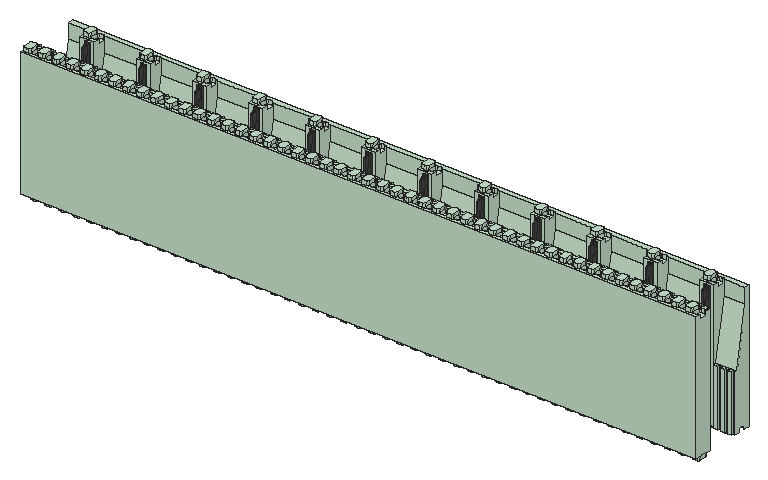
Revit family (continued)
Forms (mm)
  Extrusion 114, void
    sketch origin (2184.4, -0.002, 0) x (1, 0, 0) y (0, 1, 0)
      loop
        arc (25.4, 101.014) -> (26.615, 97.278) -> (29.796, 94.972) r 6.35
        arc (29.796, 94.972) -> (36.091, 93.737) -> (42.5, 94.024) r 26.988
        arc (42.5, 94.024) -> (43.786, 93.668) -> (44.346, 92.457) r 1.587
        line (44.346, 92.457) -> (44.346, 86.829) -> (48.685, 86.829) -> (48.685, 95.62)
        arc (48.685, 95.62) -> (48.795, 96.199) -> (49.108, 96.698) r 1.588
        arc (49.108, 96.698) -> (50.362, 98.696) -> (50.8, 101.014) r 6.35
        line (50.8, 101.014) -> (50.8, 124.411)
        arc (50.8, 124.411) -> (49.585, 128.147) -> (46.404, 130.453) r 6.35
        arc (46.404, 130.453) -> (38.1, 131.763) -> (29.796, 130.453) r 26.987
        arc (29.796, 130.453) -> (26.615, 128.147) -> (25.4, 124.411) r 6.35
    from 0 to 12.7
  Extrusion 115, void
    sketch origin (2133.6, -0.002, 0) x (1, 0, 0) y (0, 1, 0)
      loop
        line (25.4, 124.411) -> (25.4, 101.014)
        arc (25.4, 101.014) -> (26.615, 97.278) -> (29.796, 94.972) r 6.35
        arc (29.796, 94.972) -> (36.091, 93.737) -> (42.5, 94.024) r 26.988
        arc (42.5, 94.024) -> (43.786, 93.668) -> (44.346, 92.457) r 1.587
        line (44.346, 92.457) -> (44.346, 86.829) -> (48.685, 86.829) -> (48.685, 95.62)
        arc (48.685, 95.62) -> (48.795, 96.199) -> (49.108, 96.698) r 1.588
        arc (49.108, 96.698) -> (50.362, 98.696) -> (50.8, 101.014) r 6.35
        line (50.8, 101.014) -> (50.8, 124.411)
        arc (50.8, 124.411) -> (49.585, 128.147) -> (46.404, 130.453) r 6.35
        arc (46.404, 130.453) -> (38.1, 131.763) -> (29.796, 130.453) r 26.987
        arc (29.796, 130.453) -> (26.615, 128.147) -> (25.4, 124.411) r 6.35
    from 0 to 12.7
  Extrusion 116, void
    sketch origin (2082.8, -0.002, 0) x (1, 0, 0) y (0, 1, 0)
      loop
        line (25.4, 124.411) -> (25.4, 101.014)
        arc (25.4, 101.014) -> (26.615, 97.278) -> (29.796, 94.972) r 6.35
        arc (29.796, 94.972) -> (36.091, 93.737) -> (42.5, 94.024) r 26.988
        arc (42.5, 94.024) -> (43.786, 93.668) -> (44.346, 92.457) r 1.587
        line (44.346, 92.457) -> (44.346, 86.829) -> (48.685, 86.829) -> (48.685, 95.62)
        arc (48.685, 95.62) -> (48.795, 96.199) -> (49.108, 96.698) r 1.588
        arc (49.108, 96.698) -> (50.362, 98.696) -> (50.8, 101.014) r 6.35
        line (50.8, 101.014) -> (50.8, 124.411)
        arc (50.8, 124.411) -> (49.585, 128.147) -> (46.404, 130.453) r 6.35
        arc (46.404, 130.453) -> (38.1, 131.763) -> (29.796, 130.453) r 26.987
        arc (29.796, 130.453) -> (26.615, 128.147) -> (25.4, 124.411) r 6.35
    from 0 to 12.7
  Extrusion 117, void
    sketch origin (2032, -0.002, 0) x (1, 0, 0) y (0, 1, 0)
      loop
        line (25.4, 124.411) -> (25.4, 101.014)
        arc (25.4, 101.014) -> (26.615, 97.278) -> (29.796, 94.972) r 6.35
        arc (29.796, 94.972) -> (36.091, 93.737) -> (42.5, 94.024) r 26.988
        arc (42.5, 94.024) -> (43.786, 93.668) -> (44.346, 92.457) r 1.587
        line (44.346, 92.457) -> (44.346, 86.829) -> (48.685, 86.829) -> (48.685, 95.62)
        arc (48.685, 95.62) -> (48.795, 96.199) -> (49.108, 96.698) r 1.588
        arc (49.108, 96.698) -> (50.362, 98.696) -> (50.8, 101.014) r 6.35
        line (50.8, 101.014) -> (50.8, 124.411)
        arc (50.8, 124.411) -> (49.585, 128.147) -> (46.404, 130.453) r 6.35
        arc (46.404, 130.453) -> (38.1, 131.763) -> (29.796, 130.453) r 26.987
        arc (29.796, 130.453) -> (26.615, 128.147) -> (25.4, 124.411) r 6.35
    from 0 to 12.7
  Extrusion 118, void
    sketch origin (1981.2, -0.002, 0) x (1, 0, 0) y (0, 1, 0)
      loop
        line (25.4, 124.411) -> (25.4, 101.014)
        arc (25.4, 101.014) -> (26.615, 97.278) -> (29.796, 94.972) r 6.35
        arc (29.796, 94.972) -> (36.091, 93.737) -> (42.5, 94.024) r 26.988
        arc (42.5, 94.024) -> (43.786, 93.668) -> (44.346, 92.457) r 1.587
        line (44.346, 92.457) -> (44.346, 86.829) -> (48.685, 86.829) -> (48.685, 95.62)
        arc (48.685, 95.62) -> (48.795, 96.199) -> (49.108, 96.698) r 1.588
        arc (49.108, 96.698) -> (50.362, 98.696) -> (50.8, 101.014) r 6.35
        line (50.8, 101.014) -> (50.8, 124.411)
        arc (50.8, 124.411) -> (49.585, 128.147) -> (46.404, 130.453) r 6.35
        arc (46.404, 130.453) -> (38.1, 131.763) -> (29.796, 130.453) r 26.987
        arc (29.796, 130.453) -> (26.615, 128.147) -> (25.4, 124.411) r 6.35
    from 0 to 12.7
  Extrusion 119, void
    sketch origin (1930.4, -0.002, 0) x (1, 0, 0) y (0, 1, 0)
      loop
        line (25.4, 124.411) -> (25.4, 101.014)
        arc (25.4, 101.014) -> (26.615, 97.278) -> (29.796, 94.972) r 6.35
        arc (29.796, 94.972) -> (36.091, 93.737) -> (42.5, 94.024) r 26.988
        arc (42.5, 94.024) -> (43.786, 93.668) -> (44.346, 92.457) r 1.587
        line (44.346, 92.457) -> (44.346, 86.829) -> (48.685, 86.829) -> (48.685, 95.62)
        arc (48.685, 95.62) -> (48.795, 96.199) -> (49.108, 96.698) r 1.588
        arc (49.108, 96.698) -> (50.362, 98.696) -> (50.8, 101.014) r 6.35
        line (50.8, 101.014) -> (50.8, 124.411)
        arc (50.8, 124.411) -> (49.585, 128.147) -> (46.404, 130.453) r 6.35
        arc (46.404, 130.453) -> (38.1, 131.763) -> (29.796, 130.453) r 26.987
        arc (29.796, 130.453) -> (26.615, 128.147) -> (25.4, 124.411) r 6.35
    from 0 to 12.7
  Extrusion 120, void
    sketch origin (1879.6, -0.002, 0) x (1, 0, 0) y (0, 1, 0)
      loop
        line (25.4, 124.411) -> (25.4, 101.014)
        arc (25.4, 101.014) -> (26.615, 97.278) -> (29.796, 94.972) r 6.35
        arc (29.796, 94.972) -> (36.091, 93.737) -> (42.5, 94.024) r 26.988
        arc (42.5, 94.024) -> (43.786, 93.668) -> (44.346, 92.457) r 1.587
        line (44.346, 92.457) -> (44.346, 86.829) -> (48.685, 86.829) -> (48.685, 95.62)
        arc (48.685, 95.62) -> (48.795, 96.199) -> (49.108, 96.698) r 1.588
        arc (49.108, 96.698) -> (50.362, 98.696) -> (50.8, 101.014) r 6.35
        line (50.8, 101.014) -> (50.8, 124.411)
        arc (50.8, 124.411) -> (49.585, 128.147) -> (46.404, 130.453) r 6.35
        arc (46.404, 130.453) -> (38.1, 131.763) -> (29.796, 130.453) r 26.987
        arc (29.796, 130.453) -> (26.615, 128.147) -> (25.4, 124.411) r 6.35
    from 0 to 12.7
  Extrusion 121, void
    sketch origin (1828.8, -0.002, 0) x (1, 0, 0) y (0, 1, 0)
      loop
        line (25.4, 124.411) -> (25.4, 101.014)
        arc (25.4, 101.014) -> (26.615, 97.278) -> (29.796, 94.972) r 6.35
        arc (29.796, 94.972) -> (36.091, 93.737) -> (42.5, 94.024) r 26.988
        arc (42.5, 94.024) -> (43.786, 93.668) -> (44.346, 92.457) r 1.587
        line (44.346, 92.457) -> (44.346, 86.829) -> (48.685, 86.829) -> (48.685, 95.62)
        arc (48.685, 95.62) -> (48.795, 96.199) -> (49.108, 96.698) r 1.588
        arc (49.108, 96.698) -> (50.362, 98.696) -> (50.8, 101.014) r 6.35
        line (50.8, 101.014) -> (50.8, 124.411)
        arc (50.8, 124.411) -> (49.585, 128.147) -> (46.404, 130.453) r 6.35
        arc (46.404, 130.453) -> (38.1, 131.763) -> (29.796, 130.453) r 26.987
        arc (29.796, 130.453) -> (26.615, 128.147) -> (25.4, 124.411) r 6.35
    from 0 to 12.7
  Extrusion 122, void
    sketch origin (1778, -0.002, 0) x (1, 0, 0) y (0, 1, 0)
      loop
        line (25.4, 124.411) -> (25.4, 101.014)
        arc (25.4, 101.014) -> (26.615, 97.278) -> (29.796, 94.972) r 6.35
        arc (29.796, 94.972) -> (36.091, 93.737) -> (42.5, 94.024) r 26.988
        arc (42.5, 94.024) -> (43.786, 93.668) -> (44.346, 92.457) r 1.587
        line (44.346, 92.457) -> (44.346, 86.829) -> (48.685, 86.829) -> (48.685, 95.62)
        arc (48.685, 95.62) -> (48.795, 96.199) -> (49.108, 96.698) r 1.588
        arc (49.108, 96.698) -> (50.362, 98.696) -> (50.8, 101.014) r 6.35
        line (50.8, 101.014) -> (50.8, 124.411)
        arc (50.8, 124.411) -> (49.585, 128.147) -> (46.404, 130.453) r 6.35
        arc (46.404, 130.453) -> (38.1, 131.763) -> (29.796, 130.453) r 26.987
        arc (29.796, 130.453) -> (26.615, 128.147) -> (25.4, 124.411) r 6.35
    from 0 to 12.7
  Extrusion 123, void
    sketch origin (1727.2, -0.002, 0) x (1, 0, 0) y (0, 1, 0)
      loop
        line (25.4, 124.411) -> (25.4, 101.014)
        arc (25.4, 101.014) -> (26.615, 97.278) -> (29.796, 94.972) r 6.35
        arc (29.796, 94.972) -> (36.091, 93.737) -> (42.5, 94.024) r 26.988
        arc (42.5, 94.024) -> (43.786, 93.668) -> (44.346, 92.457) r 1.587
        line (44.346, 92.457) -> (44.346, 86.829) -> (48.685, 86.829) -> (48.685, 95.62)
        arc (48.685, 95.62) -> (48.795, 96.199) -> (49.108, 96.698) r 1.588
        arc (49.108, 96.698) -> (50.362, 98.696) -> (50.8, 101.014) r 6.35
        line (50.8, 101.014) -> (50.8, 124.411)
        arc (50.8, 124.411) -> (49.585, 128.147) -> (46.404, 130.453) r 6.35
        arc (46.404, 130.453) -> (38.1, 131.763) -> (29.796, 130.453) r 26.987
        arc (29.796, 130.453) -> (26.615, 128.147) -> (25.4, 124.411) r 6.35
    from 0 to 12.7
  Extrusion 124, void
    sketch origin (1676.4, -0.002, 0) x (1, 0, 0) y (0, 1, 0)
      loop
        line (25.4, 124.411) -> (25.4, 101.014)
        arc (25.4, 101.014) -> (26.615, 97.278) -> (29.796, 94.972) r 6.35
        arc (29.796, 94.972) -> (36.091, 93.737) -> (42.5, 94.024) r 26.988
        arc (42.5, 94.024) -> (43.786, 93.668) -> (44.346, 92.457) r 1.587
        line (44.346, 92.457) -> (44.346, 86.829) -> (48.685, 86.829) -> (48.685, 95.62)
        arc (48.685, 95.62) -> (48.795, 96.199) -> (49.108, 96.698) r 1.588
        arc (49.108, 96.698) -> (50.362, 98.696) -> (50.8, 101.014) r 6.35
        line (50.8, 101.014) -> (50.8, 124.411)
        arc (50.8, 124.411) -> (49.585, 128.147) -> (46.404, 130.453) r 6.35
        arc (46.404, 130.453) -> (38.1, 131.763) -> (29.796, 130.453) r 26.987
        arc (29.796, 130.453) -> (26.615, 128.147) -> (25.4, 124.411) r 6.35
    from 0 to 12.7
  Extrusion 125, void
    sketch origin (1625.6, -0.002, 0) x (1, 0, 0) y (0, 1, 0)
      loop
        line (25.4, 124.411) -> (25.4, 101.014)
        arc (25.4, 101.014) -> (26.615, 97.278) -> (29.796, 94.972) r 6.35
        arc (29.796, 94.972) -> (36.091, 93.737) -> (42.5, 94.024) r 26.988
        arc (42.5, 94.024) -> (43.786, 93.668) -> (44.346, 92.457) r 1.587
        line (44.346, 92.457) -> (44.346, 86.829) -> (48.685, 86.829) -> (48.685, 95.62)
        arc (48.685, 95.62) -> (48.795, 96.199) -> (49.108, 96.698) r 1.588
        arc (49.108, 96.698) -> (50.362, 98.696) -> (50.8, 101.014) r 6.35
        line (50.8, 101.014) -> (50.8, 124.411)
        arc (50.8, 124.411) -> (49.585, 128.147) -> (46.404, 130.453) r 6.35
        arc (46.404, 130.453) -> (38.1, 131.763) -> (29.796, 130.453) r 26.987
        arc (29.796, 130.453) -> (26.615, 128.147) -> (25.4, 124.411) r 6.35
    from 0 to 12.7
  Extrusion 126, void
    sketch origin (1574.8, -0.002, 0) x (1, 0, 0) y (0, 1, 0)
      loop
        line (25.4, 124.411) -> (25.4, 101.014)
        arc (25.4, 101.014) -> (26.615, 97.278) -> (29.796, 94.972) r 6.35
        arc (29.796, 94.972) -> (36.091, 93.737) -> (42.5, 94.024) r 26.988
        arc (42.5, 94.024) -> (43.786, 93.668) -> (44.346, 92.457) r 1.587
        line (44.346, 92.457) -> (44.346, 86.829) -> (48.685, 86.829) -> (48.685, 95.62)
        arc (48.685, 95.62) -> (48.795, 96.199) -> (49.108, 96.698) r 1.588
        arc (49.108, 96.698) -> (50.362, 98.696) -> (50.8, 101.014) r 6.35
        line (50.8, 101.014) -> (50.8, 124.411)
        arc (50.8, 124.411) -> (49.585, 128.147) -> (46.404, 130.453) r 6.35
        arc (46.404, 130.453) -> (38.1, 131.763) -> (29.796, 130.453) r 26.987
        arc (29.796, 130.453) -> (26.615, 128.147) -> (25.4, 124.411) r 6.35
    from 0 to 12.7
  Extrusion 127, void
    sketch origin (1524, -0.002, 0) x (1, 0, 0) y (0, 1, 0)
      loop
        line (25.4, 124.411) -> (25.4, 101.014)
        arc (25.4, 101.014) -> (26.615, 97.278) -> (29.796, 94.972) r 6.35
        arc (29.796, 94.972) -> (36.091, 93.737) -> (42.5, 94.024) r 26.988
        arc (42.5, 94.024) -> (43.786, 93.668) -> (44.346, 92.457) r 1.587
        line (44.346, 92.457) -> (44.346, 86.829) -> (48.685, 86.829) -> (48.685, 95.62)
        arc (48.685, 95.62) -> (48.795, 96.199) -> (49.108, 96.698) r 1.588
        arc (49.108, 96.698) -> (50.362, 98.696) -> (50.8, 101.014) r 6.35
        line (50.8, 101.014) -> (50.8, 124.411)
        arc (50.8, 124.411) -> (49.585, 128.147) -> (46.404, 130.453) r 6.35
        arc (46.404, 130.453) -> (38.1, 131.763) -> (29.796, 130.453) r 26.987
        arc (29.796, 130.453) -> (26.615, 128.147) -> (25.4, 124.411) r 6.35
    from 0 to 12.7
  Extrusion 128, void
    sketch origin (1473.2, -0.002, 0) x (1, 0, 0) y (0, 1, 0)
      loop
        line (25.4, 124.411) -> (25.4, 101.014)
        arc (25.4, 101.014) -> (26.615, 97.278) -> (29.796, 94.972) r 6.35
        arc (29.796, 94.972) -> (36.091, 93.737) -> (42.5, 94.024) r 26.988
        arc (42.5, 94.024) -> (43.786, 93.668) -> (44.346, 92.457) r 1.587
        line (44.346, 92.457) -> (44.346, 86.829) -> (48.685, 86.829) -> (48.685, 95.62)
        arc (48.685, 95.62) -> (48.795, 96.199) -> (49.108, 96.698) r 1.588
        arc (49.108, 96.698) -> (50.362, 98.696) -> (50.8, 101.014) r 6.35
        line (50.8, 101.014) -> (50.8, 124.411)
        arc (50.8, 124.411) -> (49.585, 128.147) -> (46.404, 130.453) r 6.35
        arc (46.404, 130.453) -> (38.1, 131.763) -> (29.796, 130.453) r 26.987
        arc (29.796, 130.453) -> (26.615, 128.147) -> (25.4, 124.411) r 6.35
    from 0 to 12.7
  Extrusion 129, void
    sketch origin (1422.4, -0.002, 0) x (1, 0, 0) y (0, 1, 0)
      loop
        line (25.4, 124.411) -> (25.4, 101.014)
        arc (25.4, 101.014) -> (26.615, 97.278) -> (29.796, 94.972) r 6.35
        arc (29.796, 94.972) -> (36.091, 93.737) -> (42.5, 94.024) r 26.988
        arc (42.5, 94.024) -> (43.786, 93.668) -> (44.346, 92.457) r 1.587
        line (44.346, 92.457) -> (44.346, 86.829) -> (48.685, 86.829) -> (48.685, 95.62)
        arc (48.685, 95.62) -> (48.795, 96.199) -> (49.108, 96.698) r 1.588
        arc (49.108, 96.698) -> (50.362, 98.696) -> (50.8, 101.014) r 6.35
        line (50.8, 101.014) -> (50.8, 124.411)
        arc (50.8, 124.411) -> (49.585, 128.147) -> (46.404, 130.453) r 6.35
        arc (46.404, 130.453) -> (38.1, 131.763) -> (29.796, 130.453) r 26.987
        arc (29.796, 130.453) -> (26.615, 128.147) -> (25.4, 124.411) r 6.35
    from 0 to 12.7
  Extrusion 130, void
    sketch origin (1371.6, -0.002, 0) x (1, 0, 0) y (0, 1, 0)
      loop
        line (25.4, 124.411) -> (25.4, 101.014)
        arc (25.4, 101.014) -> (26.615, 97.278) -> (29.796, 94.972) r 6.35
        arc (29.796, 94.972) -> (36.091, 93.737) -> (42.5, 94.024) r 26.988
        arc (42.5, 94.024) -> (43.786, 93.668) -> (44.346, 92.457) r 1.587
        line (44.346, 92.457) -> (44.346, 86.829) -> (48.685, 86.829) -> (48.685, 95.62)
        arc (48.685, 95.62) -> (48.795, 96.199) -> (49.108, 96.698) r 1.588
        arc (49.108, 96.698) -> (50.362, 98.696) -> (50.8, 101.014) r 6.35
        line (50.8, 101.014) -> (50.8, 124.411)
        arc (50.8, 124.411) -> (49.585, 128.147) -> (46.404, 130.453) r 6.35
        arc (46.404, 130.453) -> (38.1, 131.763) -> (29.796, 130.453) r 26.987
        arc (29.796, 130.453) -> (26.615, 128.147) -> (25.4, 124.411) r 6.35
    from 0 to 12.7
  Extrusion 131, void
    sketch origin (1320.8, -0.002, 0) x (1, 0, 0) y (0, 1, 0)
      loop
        line (25.4, 124.411) -> (25.4, 101.014)
        arc (25.4, 101.014) -> (26.615, 97.278) -> (29.796, 94.972) r 6.35
        arc (29.796, 94.972) -> (36.091, 93.737) -> (42.5, 94.024) r 26.988
        arc (42.5, 94.024) -> (43.786, 93.668) -> (44.346, 92.457) r 1.587
        line (44.346, 92.457) -> (44.346, 86.829) -> (48.685, 86.829) -> (48.685, 95.62)
        arc (48.685, 95.62) -> (48.795, 96.199) -> (49.108, 96.698) r 1.588
        arc (49.108, 96.698) -> (50.362, 98.696) -> (50.8, 101.014) r 6.35
        line (50.8, 101.014) -> (50.8, 124.411)
        arc (50.8, 124.411) -> (49.585, 128.147) -> (46.404, 130.453) r 6.35
        arc (46.404, 130.453) -> (38.1, 131.763) -> (29.796, 130.453) r 26.987
        arc (29.796, 130.453) -> (26.615, 128.147) -> (25.4, 124.411) r 6.35
    from 0 to 12.7
  Extrusion 132, void
    sketch origin (1270, -0.002, 0) x (1, 0, 0) y (0, 1, 0)
      loop
        line (25.4, 124.411) -> (25.4, 101.014)
        arc (25.4, 101.014) -> (26.615, 97.278) -> (29.796, 94.972) r 6.35
        arc (29.796, 94.972) -> (36.091, 93.737) -> (42.5, 94.024) r 26.988
        arc (42.5, 94.024) -> (43.786, 93.668) -> (44.346, 92.457) r 1.587
        line (44.346, 92.457) -> (44.346, 86.829) -> (48.685, 86.829) -> (48.685, 95.62)
        arc (48.685, 95.62) -> (48.795, 96.199) -> (49.108, 96.698) r 1.588
        arc (49.108, 96.698) -> (50.362, 98.696) -> (50.8, 101.014) r 6.35
        line (50.8, 101.014) -> (50.8, 124.411)
        arc (50.8, 124.411) -> (49.585, 128.147) -> (46.404, 130.453) r 6.35
        arc (46.404, 130.453) -> (38.1, 131.763) -> (29.796, 130.453) r 26.987
        arc (29.796, 130.453) -> (26.615, 128.147) -> (25.4, 124.411) r 6.35
    from 0 to 12.7
  Extrusion 133, void
    sketch origin (1219.2, -0.002, 0) x (1, 0, 0) y (0, 1, 0)
      loop
        line (25.4, 124.411) -> (25.4, 101.014)
        arc (25.4, 101.014) -> (26.615, 97.278) -> (29.796, 94.972) r 6.35
        arc (29.796, 94.972) -> (36.091, 93.737) -> (42.5, 94.024) r 26.988
        arc (42.5, 94.024) -> (43.786, 93.668) -> (44.346, 92.457) r 1.587
        line (44.346, 92.457) -> (44.346, 86.829) -> (48.685, 86.829) -> (48.685, 95.62)
        arc (48.685, 95.62) -> (48.795, 96.199) -> (49.108, 96.698) r 1.588
        arc (49.108, 96.698) -> (50.362, 98.696) -> (50.8, 101.014) r 6.35
        line (50.8, 101.014) -> (50.8, 124.411)
        arc (50.8, 124.411) -> (49.585, 128.147) -> (46.404, 130.453) r 6.35
        arc (46.404, 130.453) -> (38.1, 131.763) -> (29.796, 130.453) r 26.987
        arc (29.796, 130.453) -> (26.615, 128.147) -> (25.4, 124.411) r 6.35
    from 0 to 12.7
  Extrusion 134, void
    sketch origin (1168.4, -0.002, 0) x (1, 0, 0) y (0, 1, 0)
      loop
        line (25.4, 124.411) -> (25.4, 101.014)
        arc (25.4, 101.014) -> (26.615, 97.278) -> (29.796, 94.972) r 6.35
        arc (29.796, 94.972) -> (36.091, 93.737) -> (42.5, 94.024) r 26.988
        arc (42.5, 94.024) -> (43.786, 93.668) -> (44.346, 92.457) r 1.587
        line (44.346, 92.457) -> (44.346, 86.829) -> (48.685, 86.829) -> (48.685, 95.62)
        arc (48.685, 95.62) -> (48.795, 96.199) -> (49.108, 96.698) r 1.588
        arc (49.108, 96.698) -> (50.362, 98.696) -> (50.8, 101.014) r 6.35
        line (50.8, 101.014) -> (50.8, 124.411)
        arc (50.8, 124.411) -> (49.585, 128.147) -> (46.404, 130.453) r 6.35
        arc (46.404, 130.453) -> (38.1, 131.763) -> (29.796, 130.453) r 26.987
        arc (29.796, 130.453) -> (26.615, 128.147) -> (25.4, 124.411) r 6.35
    from 0 to 12.7
  Extrusion 135, void
    sketch origin (1117.6, -0.002, 0) x (1, 0, 0) y (0, 1, 0)
      loop
        line (25.4, 124.411) -> (25.4, 101.014)
        arc (25.4, 101.014) -> (26.615, 97.278) -> (29.796, 94.972) r 6.35
        arc (29.796, 94.972) -> (36.091, 93.737) -> (42.5, 94.024) r 26.988
        arc (42.5, 94.024) -> (43.786, 93.668) -> (44.346, 92.457) r 1.587
        line (44.346, 92.457) -> (44.346, 86.829) -> (48.685, 86.829) -> (48.685, 95.62)
        arc (48.685, 95.62) -> (48.795, 96.199) -> (49.108, 96.698) r 1.588
        arc (49.108, 96.698) -> (50.362, 98.696) -> (50.8, 101.014) r 6.35
        line (50.8, 101.014) -> (50.8, 124.411)
        arc (50.8, 124.411) -> (49.585, 128.147) -> (46.404, 130.453) r 6.35
        arc (46.404, 130.453) -> (38.1, 131.763) -> (29.796, 130.453) r 26.987
        arc (29.796, 130.453) -> (26.615, 128.147) -> (25.4, 124.411) r 6.35
    from 0 to 12.7
  Extrusion 136, void
    sketch origin (1066.8, -0.002, 0) x (1, 0, 0) y (0, 1, 0)
      loop
        line (25.4, 124.411) -> (25.4, 101.014)
        arc (25.4, 101.014) -> (26.615, 97.278) -> (29.796, 94.972) r 6.35
        arc (29.796, 94.972) -> (36.091, 93.737) -> (42.5, 94.024) r 26.988
        arc (42.5, 94.024) -> (43.786, 93.668) -> (44.346, 92.457) r 1.587
        line (44.346, 92.457) -> (44.346, 86.829) -> (48.685, 86.829) -> (48.685, 95.62)
        arc (48.685, 95.62) -> (48.795, 96.199) -> (49.108, 96.698) r 1.588
        arc (49.108, 96.698) -> (50.362, 98.696) -> (50.8, 101.014) r 6.35
        line (50.8, 101.014) -> (50.8, 124.411)
        arc (50.8, 124.411) -> (49.585, 128.147) -> (46.404, 130.453) r 6.35
        arc (46.404, 130.453) -> (38.1, 131.763) -> (29.796, 130.453) r 26.987
        arc (29.796, 130.453) -> (26.615, 128.147) -> (25.4, 124.411) r 6.35
    from 0 to 12.7
  Extrusion 137, void
    sketch origin (1016, -0.002, 0) x (1, 0, 0) y (0, 1, 0)
      loop
        line (25.4, 124.411) -> (25.4, 101.014)
        arc (25.4, 101.014) -> (26.615, 97.278) -> (29.796, 94.972) r 6.35
        arc (29.796, 94.972) -> (36.091, 93.737) -> (42.5, 94.024) r 26.988
        arc (42.5, 94.024) -> (43.786, 93.668) -> (44.346, 92.457) r 1.587
        line (44.346, 92.457) -> (44.346, 86.829) -> (48.685, 86.829) -> (48.685, 95.62)
        arc (48.685, 95.62) -> (48.795, 96.199) -> (49.108, 96.698) r 1.588
        arc (49.108, 96.698) -> (50.362, 98.696) -> (50.8, 101.014) r 6.35
        line (50.8, 101.014) -> (50.8, 124.411)
        arc (50.8, 124.411) -> (49.585, 128.147) -> (46.404, 130.453) r 6.35
        arc (46.404, 130.453) -> (38.1, 131.763) -> (29.796, 130.453) r 26.987
        arc (29.796, 130.453) -> (26.615, 128.147) -> (25.4, 124.411) r 6.35
    from 0 to 12.7
  Extrusion 138, void
    sketch origin (965.2, -0.002, 0) x (1, 0, 0) y (0, 1, 0)
      loop
        line (25.4, 124.411) -> (25.4, 101.014)
        arc (25.4, 101.014) -> (26.615, 97.278) -> (29.796, 94.972) r 6.35
        arc (29.796, 94.972) -> (36.091, 93.737) -> (42.5, 94.024) r 26.988
        arc (42.5, 94.024) -> (43.786, 93.668) -> (44.346, 92.457) r 1.587
        line (44.346, 92.457) -> (44.346, 86.829) -> (48.685, 86.829) -> (48.685, 95.62)
        arc (48.685, 95.62) -> (48.795, 96.199) -> (49.108, 96.698) r 1.588
        arc (49.108, 96.698) -> (50.362, 98.696) -> (50.8, 101.014) r 6.35
        line (50.8, 101.014) -> (50.8, 124.411)
        arc (50.8, 124.411) -> (49.585, 128.147) -> (46.404, 130.453) r 6.35
        arc (46.404, 130.453) -> (38.1, 131.763) -> (29.796, 130.453) r 26.987
        arc (29.796, 130.453) -> (26.615, 128.147) -> (25.4, 124.411) r 6.35
    from 0 to 12.7
  Extrusion 139, void
    sketch origin (914.4, -0.002, 0) x (1, 0, 0) y (0, 1, 0)
      loop
        line (25.4, 124.411) -> (25.4, 101.014)
        arc (25.4, 101.014) -> (26.615, 97.278) -> (29.796, 94.972) r 6.35
        arc (29.796, 94.972) -> (36.091, 93.737) -> (42.5, 94.024) r 26.988
        arc (42.5, 94.024) -> (43.786, 93.668) -> (44.346, 92.457) r 1.587
        line (44.346, 92.457) -> (44.346, 86.829) -> (48.685, 86.829) -> (48.685, 95.62)
        arc (48.685, 95.62) -> (48.795, 96.199) -> (49.108, 96.698) r 1.588
        arc (49.108, 96.698) -> (50.362, 98.696) -> (50.8, 101.014) r 6.35
        line (50.8, 101.014) -> (50.8, 124.411)
        arc (50.8, 124.411) -> (49.585, 128.147) -> (46.404, 130.453) r 6.35
        arc (46.404, 130.453) -> (38.1, 131.763) -> (29.796, 130.453) r 26.987
        arc (29.796, 130.453) -> (26.615, 128.147) -> (25.4, 124.411) r 6.35
    from 0 to 12.7
  Extrusion 140, void
    sketch origin (863.6, -0.002, 0) x (1, 0, 0) y (0, 1, 0)
      loop
        line (25.4, 124.411) -> (25.4, 101.014)
        arc (25.4, 101.014) -> (26.615, 97.278) -> (29.796, 94.972) r 6.35
        arc (29.796, 94.972) -> (36.091, 93.737) -> (42.5, 94.024) r 26.988
        arc (42.5, 94.024) -> (43.786, 93.668) -> (44.346, 92.457) r 1.587
        line (44.346, 92.457) -> (44.346, 86.829) -> (48.685, 86.829) -> (48.685, 95.62)
        arc (48.685, 95.62) -> (48.795, 96.199) -> (49.108, 96.698) r 1.588
        arc (49.108, 96.698) -> (50.362, 98.696) -> (50.8, 101.014) r 6.35
        line (50.8, 101.014) -> (50.8, 124.411)
        arc (50.8, 124.411) -> (49.585, 128.147) -> (46.404, 130.453) r 6.35
        arc (46.404, 130.453) -> (38.1, 131.763) -> (29.796, 130.453) r 26.987
        arc (29.796, 130.453) -> (26.615, 128.147) -> (25.4, 124.411) r 6.35
    from 0 to 12.7
  Extrusion 141, void
    sketch origin (812.8, -0.002, 0) x (1, 0, 0) y (0, 1, 0)
      loop
        line (25.4, 124.411) -> (25.4, 101.014)
        arc (25.4, 101.014) -> (26.615, 97.278) -> (29.796, 94.972) r 6.35
        arc (29.796, 94.972) -> (36.091, 93.737) -> (42.5, 94.024) r 26.988
        arc (42.5, 94.024) -> (43.786, 93.668) -> (44.346, 92.457) r 1.587
        line (44.346, 92.457) -> (44.346, 86.829) -> (48.685, 86.829) -> (48.685, 95.62)
        arc (48.685, 95.62) -> (48.795, 96.199) -> (49.108, 96.698) r 1.588
        arc (49.108, 96.698) -> (50.362, 98.696) -> (50.8, 101.014) r 6.35
        line (50.8, 101.014) -> (50.8, 124.411)
        arc (50.8, 124.411) -> (49.585, 128.147) -> (46.404, 130.453) r 6.35
        arc (46.404, 130.453) -> (38.1, 131.763) -> (29.796, 130.453) r 26.987
        arc (29.796, 130.453) -> (26.615, 128.147) -> (25.4, 124.411) r 6.35
    from 0 to 12.7
  Extrusion 142, void
    sketch origin (762, -0.002, 0) x (1, 0, 0) y (0, 1, 0)
      loop
        line (25.4, 124.411) -> (25.4, 101.014)
        arc (25.4, 101.014) -> (26.615, 97.278) -> (29.796, 94.972) r 6.35
        arc (29.796, 94.972) -> (36.091, 93.737) -> (42.5, 94.024) r 26.988
        arc (42.5, 94.024) -> (43.786, 93.668) -> (44.346, 92.457) r 1.587
        line (44.346, 92.457) -> (44.346, 86.829) -> (48.685, 86.829) -> (48.685, 95.62)
        arc (48.685, 95.62) -> (48.795, 96.199) -> (49.108, 96.698) r 1.588
        arc (49.108, 96.698) -> (50.362, 98.696) -> (50.8, 101.014) r 6.35
        line (50.8, 101.014) -> (50.8, 124.411)
        arc (50.8, 124.411) -> (49.585, 128.147) -> (46.404, 130.453) r 6.35
        arc (46.404, 130.453) -> (38.1, 131.763) -> (29.796, 130.453) r 26.987
        arc (29.796, 130.453) -> (26.615, 128.147) -> (25.4, 124.411) r 6.35
    from 0 to 12.7
  Extrusion 143, void
    sketch origin (711.2, -0.002, 0) x (1, 0, 0) y (0, 1, 0)
      loop
        line (25.4, 124.411) -> (25.4, 101.014)
        arc (25.4, 101.014) -> (26.615, 97.278) -> (29.796, 94.972) r 6.35
        arc (29.796, 94.972) -> (36.091, 93.737) -> (42.5, 94.024) r 26.988
        arc (42.5, 94.024) -> (43.786, 93.668) -> (44.346, 92.457) r 1.587
        line (44.346, 92.457) -> (44.346, 86.829) -> (48.685, 86.829) -> (48.685, 95.62)
        arc (48.685, 95.62) -> (48.795, 96.199) -> (49.108, 96.698) r 1.588
        arc (49.108, 96.698) -> (50.362, 98.696) -> (50.8, 101.014) r 6.35
        line (50.8, 101.014) -> (50.8, 124.411)
        arc (50.8, 124.411) -> (49.585, 128.147) -> (46.404, 130.453) r 6.35
        arc (46.404, 130.453) -> (38.1, 131.763) -> (29.796, 130.453) r 26.987
        arc (29.796, 130.453) -> (26.615, 128.147) -> (25.4, 124.411) r 6.35
    from 0 to 12.7
  Extrusion 144, void
    sketch origin (660.4, -0.002, 0) x (1, 0, 0) y (0, 1, 0)
      loop
        line (25.4, 124.411) -> (25.4, 101.014)
        arc (25.4, 101.014) -> (26.615, 97.278) -> (29.796, 94.972) r 6.35
        arc (29.796, 94.972) -> (36.091, 93.737) -> (42.5, 94.024) r 26.988
        arc (42.5, 94.024) -> (43.786, 93.668) -> (44.346, 92.457) r 1.587
        line (44.346, 92.457) -> (44.346, 86.829) -> (48.685, 86.829) -> (48.685, 95.62)
        arc (48.685, 95.62) -> (48.795, 96.199) -> (49.108, 96.698) r 1.588
        arc (49.108, 96.698) -> (50.362, 98.696) -> (50.8, 101.014) r 6.35
        line (50.8, 101.014) -> (50.8, 124.411)
        arc (50.8, 124.411) -> (49.585, 128.147) -> (46.404, 130.453) r 6.35
        arc (46.404, 130.453) -> (38.1, 131.763) -> (29.796, 130.453) r 26.987
        arc (29.796, 130.453) -> (26.615, 128.147) -> (25.4, 124.411) r 6.35
    from 0 to 12.7
  Extrusion 145, void
    sketch origin (609.6, -0.002, 0) x (1, 0, 0) y (0, 1, 0)
      loop
        line (25.4, 124.411) -> (25.4, 101.014)
        arc (25.4, 101.014) -> (26.615, 97.278) -> (29.796, 94.972) r 6.35
        arc (29.796, 94.972) -> (36.091, 93.737) -> (42.5, 94.024) r 26.988
        arc (42.5, 94.024) -> (43.786, 93.668) -> (44.346, 92.457) r 1.587
        line (44.346, 92.457) -> (44.346, 86.829) -> (48.685, 86.829) -> (48.685, 95.62)
        arc (48.685, 95.62) -> (48.795, 96.199) -> (49.108, 96.698) r 1.588
        arc (49.108, 96.698) -> (50.362, 98.696) -> (50.8, 101.014) r 6.35
        line (50.8, 101.014) -> (50.8, 124.411)
        arc (50.8, 124.411) -> (49.585, 128.147) -> (46.404, 130.453) r 6.35
        arc (46.404, 130.453) -> (38.1, 131.763) -> (29.796, 130.453) r 26.987
        arc (29.796, 130.453) -> (26.615, 128.147) -> (25.4, 124.411) r 6.35
    from 0 to 12.7
  Extrusion 146, void
    sketch origin (558.8, -0.002, 0) x (1, 0, 0) y (0, 1, 0)
      loop
        line (25.4, 124.411) -> (25.4, 101.014)
        arc (25.4, 101.014) -> (26.615, 97.278) -> (29.796, 94.972) r 6.35
        arc (29.796, 94.972) -> (36.091, 93.737) -> (42.5, 94.024) r 26.988
        arc (42.5, 94.024) -> (43.786, 93.668) -> (44.346, 92.457) r 1.587
        line (44.346, 92.457) -> (44.346, 86.829) -> (48.685, 86.829) -> (48.685, 95.62)
        arc (48.685, 95.62) -> (48.795, 96.199) -> (49.108, 96.698) r 1.588
        arc (49.108, 96.698) -> (50.362, 98.696) -> (50.8, 101.014) r 6.35
        line (50.8, 101.014) -> (50.8, 124.411)
        arc (50.8, 124.411) -> (49.585, 128.147) -> (46.404, 130.453) r 6.35
        arc (46.404, 130.453) -> (38.1, 131.763) -> (29.796, 130.453) r 26.987
        arc (29.796, 130.453) -> (26.615, 128.147) -> (25.4, 124.411) r 6.35
    from 0 to 12.7
  Extrusion 147, void
    sketch origin (508, -0.002, 0) x (1, 0, 0) y (0, 1, 0)
      loop
        line (25.4, 124.411) -> (25.4, 101.014)
        arc (25.4, 101.014) -> (26.615, 97.278) -> (29.796, 94.972) r 6.35
        arc (29.796, 94.972) -> (36.091, 93.737) -> (42.5, 94.024) r 26.988
        arc (42.5, 94.024) -> (43.786, 93.668) -> (44.346, 92.457) r 1.587
        line (44.346, 92.457) -> (44.346, 86.829) -> (48.685, 86.829) -> (48.685, 95.62)
        arc (48.685, 95.62) -> (48.795, 96.199) -> (49.108, 96.698) r 1.588
        arc (49.108, 96.698) -> (50.362, 98.696) -> (50.8, 101.014) r 6.35
        line (50.8, 101.014) -> (50.8, 124.411)
        arc (50.8, 124.411) -> (49.585, 128.147) -> (46.404, 130.453) r 6.35
        arc (46.404, 130.453) -> (38.1, 131.763) -> (29.796, 130.453) r 26.987
        arc (29.796, 130.453) -> (26.615, 128.147) -> (25.4, 124.411) r 6.35
    from 0 to 12.7
  Extrusion 148, void
    sketch origin (457.2, -0.002, 0) x (1, 0, 0) y (0, 1, 0)
      loop
        line (25.4, 124.411) -> (25.4, 101.014)
        arc (25.4, 101.014) -> (26.615, 97.278) -> (29.796, 94.972) r 6.35
        arc (29.796, 94.972) -> (36.091, 93.737) -> (42.5, 94.024) r 26.988
        arc (42.5, 94.024) -> (43.786, 93.668) -> (44.346, 92.457) r 1.587
        line (44.346, 92.457) -> (44.346, 86.829) -> (48.685, 86.829) -> (48.685, 95.62)
        arc (48.685, 95.62) -> (48.795, 96.199) -> (49.108, 96.698) r 1.588
        arc (49.108, 96.698) -> (50.362, 98.696) -> (50.8, 101.014) r 6.35
        line (50.8, 101.014) -> (50.8, 124.411)
        arc (50.8, 124.411) -> (49.585, 128.147) -> (46.404, 130.453) r 6.35
        arc (46.404, 130.453) -> (38.1, 131.763) -> (29.796, 130.453) r 26.987
        arc (29.796, 130.453) -> (26.615, 128.147) -> (25.4, 124.411) r 6.35
    from 0 to 12.7
  Extrusion 149, void
    sketch origin (406.4, -0.002, 0) x (1, 0, 0) y (0, 1, 0)
      loop
        line (25.4, 124.411) -> (25.4, 101.014)
        arc (25.4, 101.014) -> (26.615, 97.278) -> (29.796, 94.972) r 6.35
        arc (29.796, 94.972) -> (36.091, 93.737) -> (42.5, 94.024) r 26.988
        arc (42.5, 94.024) -> (43.786, 93.668) -> (44.346, 92.457) r 1.587
        line (44.346, 92.457) -> (44.346, 86.829) -> (48.685, 86.829) -> (48.685, 95.62)
        arc (48.685, 95.62) -> (48.795, 96.199) -> (49.108, 96.698) r 1.588
        arc (49.108, 96.698) -> (50.362, 98.696) -> (50.8, 101.014) r 6.35
        line (50.8, 101.014) -> (50.8, 124.411)
        arc (50.8, 124.411) -> (49.585, 128.147) -> (46.404, 130.453) r 6.35
        arc (46.404, 130.453) -> (38.1, 131.763) -> (29.796, 130.453) r 26.987
        arc (29.796, 130.453) -> (26.615, 128.147) -> (25.4, 124.411) r 6.35
    from 0 to 12.7
  Extrusion 150, void
    sketch origin (355.6, -0.002, 0) x (1, 0, 0) y (0, 1, 0)
      loop
        line (25.4, 124.411) -> (25.4, 101.014)
        arc (25.4, 101.014) -> (26.615, 97.278) -> (29.796, 94.972) r 6.35
        arc (29.796, 94.972) -> (36.091, 93.737) -> (42.5, 94.024) r 26.988
        arc (42.5, 94.024) -> (43.786, 93.668) -> (44.346, 92.457) r 1.587
        line (44.346, 92.457) -> (44.346, 86.829) -> (48.685, 86.829) -> (48.685, 95.62)
        arc (48.685, 95.62) -> (48.795, 96.199) -> (49.108, 96.698) r 1.588
        arc (49.108, 96.698) -> (50.362, 98.696) -> (50.8, 101.014) r 6.35
        line (50.8, 101.014) -> (50.8, 124.411)
        arc (50.8, 124.411) -> (49.585, 128.147) -> (46.404, 130.453) r 6.35
        arc (46.404, 130.453) -> (38.1, 131.763) -> (29.796, 130.453) r 26.987
        arc (29.796, 130.453) -> (26.615, 128.147) -> (25.4, 124.411) r 6.35
    from 0 to 12.7
  Extrusion 151, void
    sketch origin (304.8, -0.002, 0) x (1, 0, 0) y (0, 1, 0)
      loop
        line (25.4, 124.411) -> (25.4, 101.014)
        arc (25.4, 101.014) -> (26.615, 97.278) -> (29.796, 94.972) r 6.35
        arc (29.796, 94.972) -> (36.091, 93.737) -> (42.5, 94.024) r 26.988
        arc (42.5, 94.024) -> (43.786, 93.668) -> (44.346, 92.457) r 1.587
        line (44.346, 92.457) -> (44.346, 86.829) -> (48.685, 86.829) -> (48.685, 95.62)
        arc (48.685, 95.62) -> (48.795, 96.199) -> (49.108, 96.698) r 1.588
        arc (49.108, 96.698) -> (50.362, 98.696) -> (50.8, 101.014) r 6.35
        line (50.8, 101.014) -> (50.8, 124.411)
        arc (50.8, 124.411) -> (49.585, 128.147) -> (46.404, 130.453) r 6.35
        arc (46.404, 130.453) -> (38.1, 131.763) -> (29.796, 130.453) r 26.987
        arc (29.796, 130.453) -> (26.615, 128.147) -> (25.4, 124.411) r 6.35
    from 0 to 12.7
  Extrusion 152, void
    sketch origin (254, -0.002, 0) x (1, 0, 0) y (0, 1, 0)
      loop
        line (25.4, 124.411) -> (25.4, 101.014)
        arc (25.4, 101.014) -> (26.615, 97.278) -> (29.796, 94.972) r 6.35
        arc (29.796, 94.972) -> (36.091, 93.737) -> (42.5, 94.024) r 26.988
        arc (42.5, 94.024) -> (43.786, 93.668) -> (44.346, 92.457) r 1.587
        line (44.346, 92.457) -> (44.346, 86.829) -> (48.685, 86.829) -> (48.685, 95.62)
        arc (48.685, 95.62) -> (48.795, 96.199) -> (49.108, 96.698) r 1.588
        arc (49.108, 96.698) -> (50.362, 98.696) -> (50.8, 101.014) r 6.35
        line (50.8, 101.014) -> (50.8, 124.411)
        arc (50.8, 124.411) -> (49.585, 128.147) -> (46.404, 130.453) r 6.35
        arc (46.404, 130.453) -> (38.1, 131.763) -> (29.796, 130.453) r 26.987
        arc (29.796, 130.453) -> (26.615, 128.147) -> (25.4, 124.411) r 6.35
    from 0 to 12.7
  Extrusion 153, void
    sketch origin (203.2, -0.002, 0) x (1, 0, 0) y (0, 1, 0)
      loop
        line (25.4, 124.411) -> (25.4, 101.014)
        arc (25.4, 101.014) -> (26.615, 97.278) -> (29.796, 94.972) r 6.35
        arc (29.796, 94.972) -> (36.091, 93.737) -> (42.5, 94.024) r 26.988
        arc (42.5, 94.024) -> (43.786, 93.668) -> (44.346, 92.457) r 1.587
        line (44.346, 92.457) -> (44.346, 86.829) -> (48.685, 86.829) -> (48.685, 95.62)
        arc (48.685, 95.62) -> (48.795, 96.199) -> (49.108, 96.698) r 1.588
        arc (49.108, 96.698) -> (50.362, 98.696) -> (50.8, 101.014) r 6.35
        line (50.8, 101.014) -> (50.8, 124.411)
        arc (50.8, 124.411) -> (49.585, 128.147) -> (46.404, 130.453) r 6.35
        arc (46.404, 130.453) -> (38.1, 131.763) -> (29.796, 130.453) r 26.987
        arc (29.796, 130.453) -> (26.615, 128.147) -> (25.4, 124.411) r 6.35
    from 0 to 12.7
  Extrusion 154, void
    sketch origin (152.4, -0.002, 0) x (1, 0, 0) y (0, 1, 0)
      loop
        line (25.4, 124.411) -> (25.4, 101.014)
        arc (25.4, 101.014) -> (26.615, 97.278) -> (29.796, 94.972) r 6.35
        arc (29.796, 94.972) -> (36.091, 93.737) -> (42.5, 94.024) r 26.988
        arc (42.5, 94.024) -> (43.786, 93.668) -> (44.346, 92.457) r 1.587
        line (44.346, 92.457) -> (44.346, 86.829) -> (48.685, 86.829) -> (48.685, 95.62)
        arc (48.685, 95.62) -> (48.795, 96.199) -> (49.108, 96.698) r 1.588
        arc (49.108, 96.698) -> (50.362, 98.696) -> (50.8, 101.014) r 6.35
        line (50.8, 101.014) -> (50.8, 124.411)
        arc (50.8, 124.411) -> (49.585, 128.147) -> (46.404, 130.453) r 6.35
        arc (46.404, 130.453) -> (38.1, 131.763) -> (29.796, 130.453) r 26.987
        arc (29.796, 130.453) -> (26.615, 128.147) -> (25.4, 124.411) r 6.35
    from 0 to 12.7
  Extrusion 155, void
    sketch origin (101.6, -0.002, 0) x (1, 0, 0) y (0, 1, 0)
      loop
        line (25.4, 124.411) -> (25.4, 101.014)
        arc (25.4, 101.014) -> (26.615, 97.278) -> (29.796, 94.972) r 6.35
        arc (29.796, 94.972) -> (36.091, 93.737) -> (42.5, 94.024) r 26.988
        arc (42.5, 94.024) -> (43.786, 93.668) -> (44.346, 92.457) r 1.587
        line (44.346, 92.457) -> (44.346, 86.829) -> (48.685, 86.829) -> (48.685, 95.62)
        arc (48.685, 95.62) -> (48.795, 96.199) -> (49.108, 96.698) r 1.588
        arc (49.108, 96.698) -> (50.362, 98.696) -> (50.8, 101.014) r 6.35
        line (50.8, 101.014) -> (50.8, 124.411)
        arc (50.8, 124.411) -> (49.585, 128.147) -> (46.404, 130.453) r 6.35
        arc (46.404, 130.453) -> (38.1, 131.763) -> (29.796, 130.453) r 26.987
        arc (29.796, 130.453) -> (26.615, 128.147) -> (25.4, 124.411) r 6.35
    from 0 to 12.7
  Extrusion 156, void
    sketch origin (50.8, -0.002, 0) x (1, 0, 0) y (0, 1, 0)
      loop
        line (25.4, 124.411) -> (25.4, 101.014)
        arc (25.4, 101.014) -> (26.615, 97.278) -> (29.796, 94.972) r 6.35
        arc (29.796, 94.972) -> (36.091, 93.737) -> (42.5, 94.024) r 26.988
        arc (42.5, 94.024) -> (43.786, 93.668) -> (44.346, 92.457) r 1.587
        line (44.346, 92.457) -> (44.346, 86.829) -> (48.685, 86.829) -> (48.685, 95.62)
        arc (48.685, 95.62) -> (48.795, 96.199) -> (49.108, 96.698) r 1.588
        arc (49.108, 96.698) -> (50.362, 98.696) -> (50.8, 101.014) r 6.35
        line (50.8, 101.014) -> (50.8, 124.411)
        arc (50.8, 124.411) -> (49.585, 128.147) -> (46.404, 130.453) r 6.35
        arc (46.404, 130.453) -> (38.1, 131.763) -> (29.796, 130.453) r 26.987
        arc (29.796, 130.453) -> (26.615, 128.147) -> (25.4, 124.411) r 6.35
    from 0 to 12.7
  Extrusion 157, void
    sketch origin (0, -0.002, 0) x (1, 0, 0) y (0, 1, 0)
      loop
        line (25.4, 124.411) -> (25.4, 101.014)
        arc (25.4, 101.014) -> (26.615, 97.278) -> (29.796, 94.972) r 6.35
        arc (29.796, 94.972) -> (36.091, 93.737) -> (42.5, 94.024) r 26.988
        arc (42.5, 94.024) -> (43.786, 93.668) -> (44.346, 92.457) r 1.587
        line (44.346, 92.457) -> (44.346, 86.829) -> (48.685, 86.829) -> (48.685, 95.62)
        arc (48.685, 95.62) -> (48.795, 96.199) -> (49.108, 96.698) r 1.588
        arc (49.108, 96.698) -> (50.362, 98.696) -> (50.8, 101.014) r 6.35
        line (50.8, 101.014) -> (50.8, 124.411)
        arc (50.8, 124.411) -> (49.585, 128.147) -> (46.404, 130.453) r 6.35
        arc (46.404, 130.453) -> (38.1, 131.763) -> (29.796, 130.453) r 26.987
        arc (29.796, 130.453) -> (26.615, 128.147) -> (25.4, 124.411) r 6.35
    from 0 to 12.7
  Extrusion 158, solid, material "NUDURA Expanded Polystyrene Foam Insulation"
    sketch origin (0, -0.002, 0) x (0, 1, 0) y (0, 0, 1)
      loop
        line (142.875, 0) -> (142.875, 457.2) -> (127, 457.2) -> (127, 404.586) -> (88.9, 203.2) -> (82.55, 203.2) -> (82.55, 0) -> (142.875, 0)
    from 0 to 2438.4
  Extrusion 159, solid, material "NUDURA Expanded Polystyrene Foam Insulation"
    sketch origin (0, -0.002, 0) x (0, 1, 0) y (0, 0, 1)
      loop
        line (127, 457.2) -> (82.55, 457.2) -> (82.55, 203.2) -> (88.9, 203.2) -> (127, 404.586) -> (127, 457.2)
    from 76.2 to 127
  Extrusion 160, solid, material "NUDURA Expanded Polystyrene Foam Insulation"
    sketch origin (0, -0.002, 0) x (0, 1, 0) y (0, 0, 1)
      loop
        line (127, 457.2) -> (82.55, 457.2) -> (82.55, 203.2) -> (88.9, 203.2) -> (127, 404.586) -> (127, 457.2)
    from 279.4 to 330.2
  Extrusion 161, solid, material "NUDURA Expanded Polystyrene Foam Insulation"
    sketch origin (0, -0.002, 0) x (0, 1, 0) y (0, 0, 1)
      loop
        line (127, 457.2) -> (82.55, 457.2) -> (82.55, 203.2) -> (88.9, 203.2) -> (127, 404.586) -> (127, 457.2)
    from 482.6 to 533.4
  Extrusion 162, solid, material "NUDURA Expanded Polystyrene Foam Insulation"
    sketch origin (0, -0.002, 0) x (0, 1, 0) y (0, 0, 1)
      loop
        line (127, 457.2) -> (82.55, 457.2) -> (82.55, 203.2) -> (88.9, 203.2) -> (127, 404.586) -> (127, 457.2)
    from 685.8 to 736.6
  Extrusion 163, solid, material "NUDURA Expanded Polystyrene Foam Insulation"
    sketch origin (0, -0.002, 0) x (0, 1, 0) y (0, 0, 1)
      loop
        line (127, 457.2) -> (82.55, 457.2) -> (82.55, 203.2) -> (88.9, 203.2) -> (127, 404.586) -> (127, 457.2)
    from 889 to 939.8
  Extrusion 164, solid, material "NUDURA Expanded Polystyrene Foam Insulation"
    sketch origin (0, -0.002, 0) x (0, 1, 0) y (0, 0, 1)
      loop
        line (127, 457.2) -> (82.55, 457.2) -> (82.55, 203.2) -> (88.9, 203.2) -> (127, 404.586) -> (127, 457.2)
    from 1092.2 to 1143
  Extrusion 165, solid, material "NUDURA Expanded Polystyrene Foam Insulation"
    sketch origin (0, -0.002, 0) x (0, 1, 0) y (0, 0, 1)
      loop
        line (127, 457.2) -> (82.55, 457.2) -> (82.55, 203.2) -> (88.9, 203.2) -> (127, 404.586) -> (127, 457.2)
    from 1295.4 to 1346.2
  Extrusion 166, solid, material "NUDURA Expanded Polystyrene Foam Insulation"
    sketch origin (0, -0.002, 0) x (0, 1, 0) y (0, 0, 1)
      loop
        line (127, 457.2) -> (82.55, 457.2) -> (82.55, 203.2) -> (88.9, 203.2) -> (127, 404.586) -> (127, 457.2)
    from 1498.6 to 1549.4
  Extrusion 167, solid, material "NUDURA Expanded Polystyrene Foam Insulation"
    sketch origin (0, -0.002, 0) x (0, 1, 0) y (0, 0, 1)
      loop
        line (127, 457.2) -> (82.55, 457.2) -> (82.55, 203.2) -> (88.9, 203.2) -> (127, 404.586) -> (127, 457.2)
    from 1701.8 to 1752.6
  Extrusion 168, solid, material "NUDURA Expanded Polystyrene Foam Insulation"
    sketch origin (0, -0.002, 0) x (0, 1, 0) y (0, 0, 1)
      loop
        line (127, 457.2) -> (82.55, 457.2) -> (82.55, 203.2) -> (88.9, 203.2) -> (127, 404.586) -> (127, 457.2)
    from 1701.8 to 1752.6
  Extrusion 169, solid, material "NUDURA Expanded Polystyrene Foam Insulation"
    sketch origin (0, -0.002, 0) x (0, 1, 0) y (0, 0, 1)
      loop
        line (127, 457.2) -> (82.55, 457.2) -> (82.55, 203.2) -> (88.9, 203.2) -> (127, 404.586) -> (127, 457.2)
    from 1905 to 1955.8
  Extrusion 170, solid, material "NUDURA Expanded Polystyrene Foam Insulation"
    sketch origin (0, -0.002, 0) x (0, 1, 0) y (0, 0, 1)
      loop
        line (127, 457.2) -> (82.55, 457.2) -> (82.55, 203.2) -> (88.9, 203.2) -> (127, 404.586) -> (127, 457.2)
    from 2108.2 to 2159
  Extrusion 171, solid, material "NUDURA Expanded Polystyrene Foam Insulation"
    sketch origin (0, -0.002, 0) x (0, 1, 0) y (0, 0, 1)
      loop
        line (127, 457.2) -> (82.55, 457.2) -> (82.55, 203.2) -> (88.9, 203.2) -> (127, 404.586) -> (127, 457.2)
    from 2311.4 to 2362.2
  Extrusion 172, solid, material "NUDURA Expanded Polystyrene Foam Insulation"
    sketch origin (0, -0.002, 0) x (1, 0, 0) y (0, 1, 0)
      loop
        line (7.142, 82.55) -> (5.558, 76.2) -> (19.842, 76.2) -> (18.258, 82.55) -> (7.142, 82.55)
      loop
        line (32.542, 82.55) -> (30.958, 76.2) -> (45.242, 76.2) -> (43.658, 82.55) -> (32.542, 82.55)
      loop
        line (57.942, 82.55) -> (56.358, 76.2) -> (70.642, 76.2) -> (69.058, 82.55) -> (57.942, 82.55)
      loop
        line (134.142, 82.55) -> (132.558, 76.2) -> (146.842, 76.2) -> (145.258, 82.55) -> (134.142, 82.55)
      loop
        line (159.542, 82.55) -> (157.958, 76.2) -> (172.242, 76.2) -> (170.658, 82.55) -> (159.542, 82.55)
      loop
        line (184.942, 82.55) -> (183.358, 76.2) -> (197.642, 76.2) -> (196.058, 82.55) -> (184.942, 82.55)
      loop
        line (210.342, 82.55) -> (208.758, 76.2) -> (223.042, 76.2) -> (221.458, 82.55) -> (210.342, 82.55)
      loop
        line (235.742, 82.55) -> (234.158, 76.2) -> (248.442, 76.2) -> (246.858, 82.55) -> (235.742, 82.55)
      loop
        line (261.142, 82.55) -> (259.558, 76.2) -> (273.842, 76.2) -> (272.258, 82.55) -> (261.142, 82.55)
      loop
        line (337.342, 82.55) -> (335.758, 76.2) -> (350.042, 76.2) -> (348.458, 82.55) -> (337.342, 82.55)
      loop
        line (362.742, 82.55) -> (361.158, 76.2) -> (375.442, 76.2) -> (373.858, 82.55) -> (362.742, 82.55)
      loop
        line (388.142, 82.55) -> (386.558, 76.2) -> (400.842, 76.2) -> (399.258, 82.55) -> (388.142, 82.55)
      loop
        line (413.542, 82.55) -> (411.958, 76.2) -> (426.242, 76.2) -> (424.658, 82.55) -> (413.542, 82.55)
      loop
        line (438.942, 82.55) -> (437.358, 76.2) -> (451.642, 76.2) -> (450.058, 82.55) -> (438.942, 82.55)
      loop
        line (464.342, 82.55) -> (462.758, 76.2) -> (477.042, 76.2) -> (475.458, 82.55) -> (464.342, 82.55)
      loop
        line (540.542, 82.55) -> (538.958, 76.2) -> (553.242, 76.2) -> (551.658, 82.55) -> (540.542, 82.55)
      loop
        line (565.942, 82.55) -> (564.358, 76.2) -> (578.642, 76.2) -> (577.058, 82.55) -> (565.942, 82.55)
      loop
        line (591.342, 82.55) -> (589.758, 76.2) -> (604.042, 76.2) -> (602.458, 82.55) -> (591.342, 82.55)
      loop
        line (616.742, 82.55) -> (615.158, 76.2) -> (629.442, 76.2) -> (627.858, 82.55) -> (616.742, 82.55)
      loop
        line (642.142, 82.55) -> (640.558, 76.2) -> (654.842, 76.2) -> (653.258, 82.55) -> (642.142, 82.55)
      loop
        line (667.542, 82.55) -> (665.958, 76.2) -> (680.242, 76.2) -> (678.658, 82.55) -> (667.542, 82.55)
      loop
        line (743.742, 82.55) -> (742.158, 76.2) -> (756.442, 76.2) -> (754.858, 82.55) -> (743.742, 82.55)
      loop
        line (769.142, 82.55) -> (767.558, 76.2) -> (781.842, 76.2) -> (780.258, 82.55) -> (769.142, 82.55)
      loop
        line (794.542, 82.55) -> (792.958, 76.2) -> (807.242, 76.2) -> (805.658, 82.55) -> (794.542, 82.55)
      loop
        line (819.942, 82.55) -> (818.358, 76.2) -> (832.642, 76.2) -> (831.058, 82.55) -> (819.942, 82.55)
      loop
        line (845.342, 82.55) -> (843.758, 76.2) -> (858.042, 76.2) -> (856.458, 82.55) -> (845.342, 82.55)
      loop
        line (870.742, 82.55) -> (869.158, 76.2) -> (883.442, 76.2) -> (881.858, 82.55) -> (870.742, 82.55)
      loop
        line (946.942, 82.55) -> (945.358, 76.2) -> (959.642, 76.2) -> (958.058, 82.55) -> (946.942, 82.55)
      loop
        line (972.342, 82.55) -> (970.758, 76.2) -> (985.042, 76.2) -> (983.458, 82.55) -> (972.342, 82.55)
      loop
        line (997.742, 82.55) -> (996.158, 76.2) -> (1010.442, 76.2) -> (1008.858, 82.55) -> (997.742, 82.55)
      loop
        line (1023.142, 82.55) -> (1021.558, 76.2) -> (1035.842, 76.2) -> (1034.258, 82.55) -> (1023.142, 82.55)
      loop
        line (1048.542, 82.55) -> (1046.958, 76.2) -> (1061.242, 76.2) -> (1059.658, 82.55) -> (1048.542, 82.55)
      loop
        line (1073.942, 82.55) -> (1072.358, 76.2) -> (1086.642, 76.2) -> (1085.058, 82.55) -> (1073.942, 82.55)
      loop
        line (1150.142, 82.55) -> (1148.558, 76.2) -> (1162.842, 76.2) -> (1161.258, 82.55) -> (1150.142, 82.55)
      loop
        line (1175.542, 82.55) -> (1173.958, 76.2) -> (1188.242, 76.2) -> (1186.658, 82.55) -> (1175.542, 82.55)
      loop
        line (1200.942, 82.55) -> (1199.358, 76.2) -> (1213.642, 76.2) -> (1212.058, 82.55) -> (1200.942, 82.55)
      loop
        line (1226.342, 82.55) -> (1224.758, 76.2) -> (1239.042, 76.2) -> (1237.458, 82.55) -> (1226.342, 82.55)
      loop
        line (1251.742, 82.55) -> (1250.158, 76.2) -> (1264.442, 76.2) -> (1262.858, 82.55) -> (1251.742, 82.55)
      loop
        line (1277.142, 82.55) -> (1275.558, 76.2) -> (1289.842, 76.2) -> (1288.258, 82.55) -> (1277.142, 82.55)
      loop
        line (1353.342, 82.55) -> (1351.758, 76.2) -> (1366.042, 76.2) -> (1364.458, 82.55) -> (1353.342, 82.55)
      loop
        line (1378.742, 82.55) -> (1377.158, 76.2) -> (1391.442, 76.2) -> (1389.858, 82.55) -> (1378.742, 82.55)
      loop
        line (1404.142, 82.55) -> (1402.558, 76.2) -> (1416.842, 76.2) -> (1415.258, 82.55) -> (1404.142, 82.55)
      loop
        line (1429.542, 82.55) -> (1427.958, 76.2) -> (1442.242, 76.2) -> (1440.658, 82.55) -> (1429.542, 82.55)
      loop
        line (1454.942, 82.55) -> (1453.358, 76.2) -> (1467.642, 76.2) -> (1466.058, 82.55) -> (1454.942, 82.55)
      loop
        line (1480.342, 82.55) -> (1478.758, 76.2) -> (1493.042, 76.2) -> (1491.458, 82.55) -> (1480.342, 82.55)
      loop
        line (1556.542, 82.55) -> (1554.958, 76.2) -> (1569.242, 76.2) -> (1567.658, 82.55) -> (1556.542, 82.55)
      loop
        line (1581.942, 82.55) -> (1580.358, 76.2) -> (1594.642, 76.2) -> (1593.058, 82.55) -> (1581.942, 82.55)
      loop
        line (1607.342, 82.55) -> (1605.758, 76.2) -> (1620.042, 76.2) -> (1618.458, 82.55) -> (1607.342, 82.55)
      loop
        line (1632.742, 82.55) -> (1631.158, 76.2) -> (1645.442, 76.2) -> (1643.858, 82.55) -> (1632.742, 82.55)
      loop
        line (1658.142, 82.55) -> (1656.558, 76.2) -> (1670.842, 76.2) -> (1669.258, 82.55) -> (1658.142, 82.55)
      loop
        line (1683.542, 82.55) -> (1681.958, 76.2) -> (1696.242, 76.2) -> (1694.658, 82.55) -> (1683.542, 82.55)
      loop
        line (1759.742, 82.55) -> (1758.158, 76.2) -> (1772.442, 76.2) -> (1770.858, 82.55) -> (1759.742, 82.55)
      loop
        line (1785.142, 82.55) -> (1783.558, 76.2) -> (1797.842, 76.2) -> (1796.258, 82.55) -> (1785.142, 82.55)
      loop
        line (1810.542, 82.55) -> (1808.958, 76.2) -> (1823.242, 76.2) -> (1821.658, 82.55) -> (1810.542, 82.55)
      loop
        line (1835.942, 82.55) -> (1834.358, 76.2) -> (1848.642, 76.2) -> (1847.058, 82.55) -> (1835.942, 82.55)
      loop
        line (1861.342, 82.55) -> (1859.758, 76.2) -> (1874.042, 76.2) -> (1872.458, 82.55) -> (1861.342, 82.55)
      loop
        line (1886.742, 82.55) -> (1885.158, 76.2) -> (1899.442, 76.2) -> (1897.858, 82.55) -> (1886.742, 82.55)
      loop
        line (1962.942, 82.55) -> (1961.358, 76.2) -> (1975.642, 76.2) -> (1974.058, 82.55) -> (1962.942, 82.55)
      loop
        line (1988.342, 82.55) -> (1986.758, 76.2) -> (2001.042, 76.2) -> (1999.458, 82.55) -> (1988.342, 82.55)
      loop
        line (2013.742, 82.55) -> (2012.158, 76.2) -> (2026.442, 76.2) -> (2024.858, 82.55) -> (2013.742, 82.55)
      loop
        line (2039.142, 82.55) -> (2037.558, 76.2) -> (2051.842, 76.2) -> (2050.258, 82.55) -> (2039.142, 82.55)
      loop
        line (2064.542, 82.55) -> (2062.958, 76.2) -> (2077.242, 76.2) -> (2075.658, 82.55) -> (2064.542, 82.55)
      loop
        line (2089.942, 82.55) -> (2088.358, 76.2) -> (2102.642, 76.2) -> (2101.058, 82.55) -> (2089.942, 82.55)
      loop
        line (2166.142, 82.55) -> (2164.558, 76.2) -> (2178.842, 76.2) -> (2177.258, 82.55) -> (2166.142, 82.55)
      loop
        line (2191.542, 82.55) -> (2189.958, 76.2) -> (2204.242, 76.2) -> (2202.658, 82.55) -> (2191.542, 82.55)
      loop
        line (2216.942, 82.55) -> (2215.358, 76.2) -> (2229.642, 76.2) -> (2228.058, 82.55) -> (2216.942, 82.55)
      loop
        line (2242.342, 82.55) -> (2240.758, 76.2) -> (2255.042, 76.2) -> (2253.458, 82.55) -> (2242.342, 82.55)
      loop
        line (2267.742, 82.55) -> (2266.158, 76.2) -> (2280.442, 76.2) -> (2278.858, 82.55) -> (2267.742, 82.55)
      loop
        line (2293.142, 82.55) -> (2291.558, 76.2) -> (2305.842, 76.2) -> (2304.258, 82.55) -> (2293.142, 82.55)
      loop
        line (2369.342, 82.55) -> (2367.758, 76.2) -> (2382.042, 76.2) -> (2380.458, 82.55) -> (2369.342, 82.55)
      loop
        line (2394.742, 82.55) -> (2393.158, 76.2) -> (2407.442, 76.2) -> (2405.858, 82.55) -> (2394.742, 82.55)
      loop
        line (2420.142, 82.55) -> (2418.558, 76.2) -> (2432.842, 76.2) -> (2431.258, 82.55) -> (2420.142, 82.55)
    from 0 to 203.2
Cuts and joins
  Extrusion 2, Extrusion 3, Extrusion 4, Extrusion 5, Extrusion 6, Extrusion 7, Extrusion 8, Extrusion 9, Extrusion 10, Extrusion 11, Extrusion 12, Extrusion 13, Extrusion 14, Extrusion 15, Extrusion 16, Extrusion 17, Extrusion 18, Extrusion 19, Extrusion 20, Extrusion 21, Extrusion 22, Extrusion 23, Extrusion 24, Extrusion 25, Extrusion 26, Extrusion 27, Extrusion 28, Extrusion 29, Extrusion 30, Extrusion 31, Extrusion 32, Extrusion 33, Extrusion 34, Extrusion 35, Extrusion 36, Extrusion 37, Extrusion 38, Extrusion 39, Extrusion 40, Extrusion 41, Extrusion 42, Extrusion 43, Extrusion 44, Extrusion 45, Extrusion 46, Extrusion 47, Extrusion 48, Extrusion 49, Extrusion 62, Extrusion 63, Extrusion 64, Extrusion 65, Extrusion 66, Extrusion 67, Extrusion 68, Extrusion 69, Extrusion 70, Extrusion 71, Extrusion 72, Extrusion 73, Extrusion 74, Extrusion 75, Extrusion 76, Extrusion 77, Extrusion 78, Extrusion 79, Extrusion 80, Extrusion 81, Extrusion 82, Extrusion 83, Extrusion 84, Extrusion 85, Extrusion 86, Extrusion 87, Extrusion 88, Extrusion 89, Extrusion 90, Extrusion 91, Extrusion 92, Extrusion 93, Extrusion 94, Extrusion 95, Extrusion 96, Extrusion 97, Extrusion 98, Extrusion 99, Extrusion 100, Extrusion 101, Extrusion 102, Extrusion 103, Extrusion 104, Extrusion 105, Extrusion 106, Extrusion 107, Extrusion 108, Extrusion 109 cuts Extrusion 1
